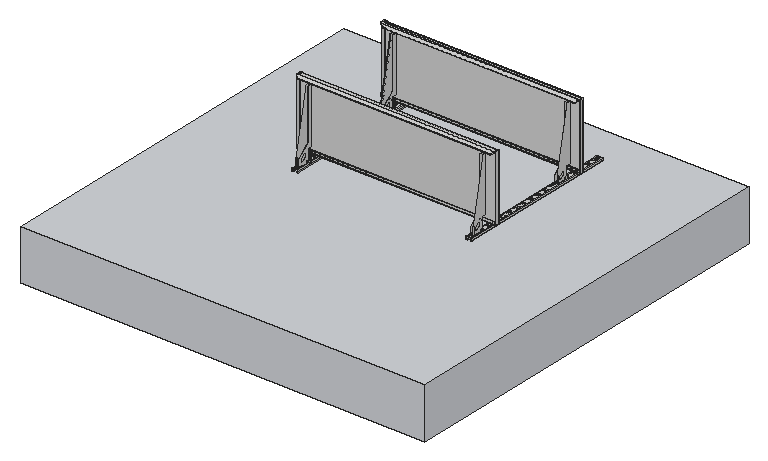
Revit family "QF_Etagères_Etagères_murales_modulables", category Equipement spécialisé, Revit 2015
Parameters (values of type "Grand modèle")
  URL catalogue = "http://www.bourgeat.fr"
  URL = ""
  Type article = ""
  Spécification du Fabricant = "Grand modèle"
  Profondeur hors tout = 470 mm
  Poids net à vide = 18.00 kg
  Modèle = "845622"
  Longueur hors tout = 1200 mm
  Hauteur hors tout = 1000 mm
  Fabricant = "BOURGEAT"
  Elévation par défaut = 1600 mm
  Description = ""
  Contact SAV = "0033(4).76.32.14.44"
  Type Comments = ""
  Charge max = 50.00 kg
Types (3, lengths in mm): name | Spécification du Fabricant | Poids net à vide | Modèle | Longueur hors tout
  (no name) | "Grand modèle" | 18.00 kg | "845622" | 1200
  Petit modèle | "Petit modèle" | 12.00 kg | "845618" | 800
  Grand modèle | "Grand modèle" | 18.00 kg | "845622" | 1200
Reference planes
  plane 1 "Centre (avant/arrière)": y = 0
  plane 2: z = 0
  plane 3 "Centre (gauche/droite)": x = 0
  plane 4: y = 1000
  plane 5: x = -600
  plane 6: x = 600
  plane 7: z = 470
  plane 8: x = -521
  plane 9: x = 494
  plane 10: z = 18
Forms (mm)
  Extrusion 1, solid
    sketch origin (0, 0, 0) x (1, 0, 0) y (0, 1, 0)
      loop
        line (-1219.2, 1219.2) -> (-1219.2, -1219.2) -> (1219.2, -1219.2) -> (1219.2, 1219.2) -> (-1219.2, 1219.2)
    from 0 to -304.8
  Extrusion 2, solid, material "Acier inox"
    sketch origin (0, 0, 0) x (1, 0, 0) y (0, 0, 1)
      loop
        arc (-554, 14.5) -> (-553.561, 15.561) -> (-552.5, 16) r 1.5
        line (-552.5, 16) -> (-524.5, 16)
        arc (-524.5, 16) -> (-523.439, 15.561) -> (-523, 14.5) r 1.5
        line (-523, 14.5) -> (-523, 3.5)
        arc (-523, 3.5) -> (-523.439, 2.439) -> (-524.5, 2) r 1.5
        line (-524.5, 2) -> (-529.5, 2) -> (-529.5, 0) -> (-524.5, 0)
        arc (-524.5, 0) -> (-522.025, 1.025) -> (-521, 3.5) r 3.5
        line (-521, 3.5) -> (-521, 14.5)
        arc (-521, 14.5) -> (-522.025, 16.975) -> (-524.5, 18) r 3.5
        line (-524.5, 18) -> (-552.5, 18)
        arc (-552.5, 18) -> (-554.975, 16.975) -> (-556, 14.5) r 3.5
        line (-556, 14.5) -> (-556, 3.5)
        arc (-556, 3.5) -> (-554.975, 1.025) -> (-552.5, 0) r 3.5
        line (-552.5, 0) -> (-547.5, 0) -> (-547.5, 2) -> (-552.5, 2)
        arc (-552.5, 2) -> (-553.561, 2.439) -> (-554, 3.5) r 1.5
        line (-554, 3.5) -> (-554, 14.5)
    from -985 to 0
  Extrusion 3, solid, material "Acier inox"
    sketch origin (1050, 0, 0) x (1, 0, 0) y (0, 0, 1)
      loop
        arc (-554, 14.5) -> (-553.561, 15.561) -> (-552.5, 16) r 1.5
        line (-552.5, 16) -> (-524.5, 16)
        arc (-524.5, 16) -> (-523.439, 15.561) -> (-523, 14.5) r 1.5
        line (-523, 14.5) -> (-523, 3.5)
        arc (-523, 3.5) -> (-523.439, 2.439) -> (-524.5, 2) r 1.5
        line (-524.5, 2) -> (-529.5, 2) -> (-529.5, 0) -> (-524.5, 0)
        arc (-524.5, 0) -> (-522.025, 1.025) -> (-521, 3.5) r 3.5
        line (-521, 3.5) -> (-521, 14.5)
        arc (-521, 14.5) -> (-522.025, 16.975) -> (-524.5, 18) r 3.5
        line (-524.5, 18) -> (-552.5, 18)
        arc (-552.5, 18) -> (-554.975, 16.975) -> (-556, 14.5) r 3.5
        line (-556, 14.5) -> (-556, 3.5)
        arc (-556, 3.5) -> (-554.975, 1.025) -> (-552.5, 0) r 3.5
        line (-552.5, 0) -> (-547.5, 0) -> (-547.5, 2) -> (-552.5, 2)
        arc (-552.5, 2) -> (-553.561, 2.439) -> (-554, 3.5) r 1.5
        line (-554, 3.5) -> (-554, 14.5)
    from -985 to 0
  Extrusion 4, void
    sketch origin (0, 0, 0) x (1, 0, 0) y (0, 1, 0)
      loop
        circle (-538.231, 647) r 4.5
      loop
        circle (-538.231, 631) r 3.5
      loop
        line (-546.981, 626) -> (-546.981, 614) -> (-529.481, 614) -> (-529.481, 626) -> (-546.981, 626)
      loop
        line (-544.531, 584) -> (-546.931, 584) -> (-546.931, 564) -> (-544.531, 564) -> (-544.531, 584)
      loop
        line (-531.931, 584) -> (-531.931, 564) -> (-529.531, 564) -> (-529.531, 584) -> (-531.931, 584)
      loop
        circle (-538.231, 523.5) r 3.5
      loop
        line (-546.981, 518.5) -> (-546.981, 506.5) -> (-529.481, 506.5) -> (-529.481, 518.5) -> (-546.981, 518.5)
      loop
        line (-544.531, 476.5) -> (-546.931, 476.5) -> (-546.931, 456.5) -> (-544.531, 456.5) -> (-544.531, 476.5)
      loop
        line (-531.931, 476.5) -> (-531.931, 456.5) -> (-529.531, 456.5) -> (-529.531, 476.5) -> (-531.931, 476.5)
      loop
        circle (-538.231, 416) r 3.5
      loop
        line (-546.981, 411) -> (-546.981, 399) -> (-529.481, 399) -> (-529.481, 411) -> (-546.981, 411)
      loop
        line (-544.531, 369) -> (-546.931, 369) -> (-546.931, 349) -> (-544.531, 349) -> (-544.531, 369)
      loop
        line (-531.931, 369) -> (-531.931, 349) -> (-529.531, 349) -> (-529.531, 369) -> (-531.931, 369)
      loop
        circle (-538.231, 969.5) r 4.5
      loop
        circle (-538.231, 953.5) r 3.5
      loop
        line (-546.981, 948.5) -> (-546.981, 936.5) -> (-529.481, 936.5) -> (-529.481, 948.5) -> (-546.981, 948.5)
      loop
        line (-544.531, 906.5) -> (-546.931, 906.5) -> (-546.931, 886.5) -> (-544.531, 886.5) -> (-544.531, 906.5)
      loop
        line (-531.931, 906.5) -> (-531.931, 886.5) -> (-529.531, 886.5) -> (-529.531, 906.5) -> (-531.931, 906.5)
      loop
        circle (-538.231, 846) r 3.5
      loop
        line (-546.981, 841) -> (-546.981, 829) -> (-529.481, 829) -> (-529.481, 841) -> (-546.981, 841)
      loop
        line (-544.531, 799) -> (-546.931, 799) -> (-546.931, 779) -> (-544.531, 779) -> (-544.531, 799)
      loop
        line (-531.931, 799) -> (-531.931, 779) -> (-529.531, 779) -> (-529.531, 799) -> (-531.931, 799)
      loop
        circle (-538.231, 738.5) r 3.5
      loop
        line (-546.981, 733.5) -> (-546.981, 721.5) -> (-529.481, 721.5) -> (-529.481, 733.5) -> (-546.981, 733.5)
      loop
        line (-544.531, 691.5) -> (-546.931, 691.5) -> (-546.931, 671.5) -> (-544.531, 671.5) -> (-544.531, 691.5)
      loop
        line (-531.931, 691.5) -> (-531.931, 671.5) -> (-529.531, 671.5) -> (-529.531, 691.5) -> (-531.931, 691.5)
      loop
        circle (-538.231, 308.5) r 3.5
      loop
        line (-546.981, 303.5) -> (-546.981, 291.5) -> (-529.481, 291.5) -> (-529.481, 303.5) -> (-546.981, 303.5)
      loop
        line (-544.531, 261.5) -> (-546.931, 261.5) -> (-546.931, 241.5) -> (-544.531, 241.5) -> (-544.531, 261.5)
      loop
        line (-531.931, 261.5) -> (-531.931, 241.5) -> (-529.531, 241.5) -> (-529.531, 261.5) -> (-531.931, 261.5)
      loop
        circle (-538.231, 201) r 3.5
      loop
        line (-546.981, 196) -> (-546.981, 184) -> (-529.481, 184) -> (-529.481, 196) -> (-546.981, 196)
      loop
        line (-544.531, 154) -> (-546.931, 154) -> (-546.931, 134) -> (-544.531, 134) -> (-544.531, 154)
      loop
        line (-531.931, 154) -> (-531.931, 134) -> (-529.531, 134) -> (-529.531, 154) -> (-531.931, 154)
      loop
        circle (-538.231, 93.5) r 3.5
      loop
        line (-546.981, 88.5) -> (-546.981, 76.5) -> (-529.481, 76.5) -> (-529.481, 88.5) -> (-546.981, 88.5)
      loop
        line (-544.531, 46.5) -> (-546.931, 46.5) -> (-546.931, 26.5) -> (-544.531, 26.5) -> (-544.531, 46.5)
      loop
        line (-531.931, 46.5) -> (-531.931, 26.5) -> (-529.531, 26.5) -> (-529.531, 46.5) -> (-531.931, 46.5)
      loop
        circle (-538.231, 11.5) r 4.5
    from 14.5 to 18
  Extrusion 5, void
    sketch origin (1050, 0, 0) x (1, 0, 0) y (0, 1, 0)
      loop
        circle (-538.231, 647) r 4.5
      loop
        circle (-538.231, 631) r 3.5
      loop
        line (-546.981, 626) -> (-546.981, 614) -> (-529.481, 614) -> (-529.481, 626) -> (-546.981, 626)
      loop
        line (-544.531, 584) -> (-546.931, 584) -> (-546.931, 564) -> (-544.531, 564) -> (-544.531, 584)
      loop
        line (-531.931, 584) -> (-531.931, 564) -> (-529.531, 564) -> (-529.531, 584) -> (-531.931, 584)
      loop
        circle (-538.231, 523.5) r 3.5
      loop
        line (-546.981, 518.5) -> (-546.981, 506.5) -> (-529.481, 506.5) -> (-529.481, 518.5) -> (-546.981, 518.5)
      loop
        line (-544.531, 476.5) -> (-546.931, 476.5) -> (-546.931, 456.5) -> (-544.531, 456.5) -> (-544.531, 476.5)
      loop
        line (-531.931, 476.5) -> (-531.931, 456.5) -> (-529.531, 456.5) -> (-529.531, 476.5) -> (-531.931, 476.5)
      loop
        circle (-538.231, 416) r 3.5
      loop
        line (-546.981, 411) -> (-546.981, 399) -> (-529.481, 399) -> (-529.481, 411) -> (-546.981, 411)
      loop
        line (-544.531, 369) -> (-546.931, 369) -> (-546.931, 349) -> (-544.531, 349) -> (-544.531, 369)
      loop
        line (-531.931, 369) -> (-531.931, 349) -> (-529.531, 349) -> (-529.531, 369) -> (-531.931, 369)
      loop
        circle (-538.231, 969.5) r 4.5
      loop
        circle (-538.231, 953.5) r 3.5
      loop
        line (-546.981, 948.5) -> (-546.981, 936.5) -> (-529.481, 936.5) -> (-529.481, 948.5) -> (-546.981, 948.5)
      loop
        line (-544.531, 906.5) -> (-546.931, 906.5) -> (-546.931, 886.5) -> (-544.531, 886.5) -> (-544.531, 906.5)
      loop
        line (-531.931, 906.5) -> (-531.931, 886.5) -> (-529.531, 886.5) -> (-529.531, 906.5) -> (-531.931, 906.5)
      loop
        circle (-538.231, 846) r 3.5
      loop
        line (-546.981, 841) -> (-546.981, 829) -> (-529.481, 829) -> (-529.481, 841) -> (-546.981, 841)
      loop
        line (-544.531, 799) -> (-546.931, 799) -> (-546.931, 779) -> (-544.531, 779) -> (-544.531, 799)
      loop
        line (-531.931, 799) -> (-531.931, 779) -> (-529.531, 779) -> (-529.531, 799) -> (-531.931, 799)
      loop
        circle (-538.231, 738.5) r 3.5
      loop
        line (-546.981, 733.5) -> (-546.981, 721.5) -> (-529.481, 721.5) -> (-529.481, 733.5) -> (-546.981, 733.5)
      loop
        line (-544.531, 691.5) -> (-546.931, 691.5) -> (-546.931, 671.5) -> (-544.531, 671.5) -> (-544.531, 691.5)
      loop
        line (-531.931, 691.5) -> (-531.931, 671.5) -> (-529.531, 671.5) -> (-529.531, 691.5) -> (-531.931, 691.5)
      loop
        circle (-538.231, 308.5) r 3.5
      loop
        line (-546.981, 303.5) -> (-546.981, 291.5) -> (-529.481, 291.5) -> (-529.481, 303.5) -> (-546.981, 303.5)
      loop
        line (-544.531, 261.5) -> (-546.931, 261.5) -> (-546.931, 241.5) -> (-544.531, 241.5) -> (-544.531, 261.5)
      loop
        line (-531.931, 261.5) -> (-531.931, 241.5) -> (-529.531, 241.5) -> (-529.531, 261.5) -> (-531.931, 261.5)
      loop
        circle (-538.231, 201) r 3.5
      loop
        line (-546.981, 196) -> (-546.981, 184) -> (-529.481, 184) -> (-529.481, 196) -> (-546.981, 196)
      loop
        line (-544.531, 154) -> (-546.931, 154) -> (-546.931, 134) -> (-544.531, 134) -> (-544.531, 154)
      loop
        line (-531.931, 154) -> (-531.931, 134) -> (-529.531, 134) -> (-529.531, 154) -> (-531.931, 154)
      loop
        circle (-538.231, 93.5) r 3.5
      loop
        line (-546.981, 88.5) -> (-546.981, 76.5) -> (-529.481, 76.5) -> (-529.481, 88.5) -> (-546.981, 88.5)
      loop
        line (-544.531, 46.5) -> (-546.931, 46.5) -> (-546.931, 26.5) -> (-544.531, 26.5) -> (-544.531, 46.5)
      loop
        line (-531.931, 46.5) -> (-531.931, 26.5) -> (-529.531, 26.5) -> (-529.531, 46.5) -> (-531.931, 46.5)
      loop
        circle (-538.231, 11.5) r 4.5
    from 14.5 to 18
Cuts and joins
  Extrusion 4, Extrusion 5 cuts Extrusion 2
  Extrusion 5 cuts Extrusion 3
Dimensions and locks
  "Hauteur hors tout": plane 4 to plane 1 "Centre (avant/arrière)"
  equal spacing: plane 5, plane 3 "Centre (gauche/droite)", plane 6
  "Longueur hors tout": plane 5 to plane 6
  "Profondeur hors tout": plane 7 to plane 2
  plane 5 to plane 8 = 79 mm
  plane 9 to plane 6 = 106 mm
  locked: nested 4 to plane 8 at 8.731
  locked: nested 3 to plane 8 at 8.731
  locked: plane 9 to nested 1 at 9.269
  locked: plane 9 to nested 2 at 9.269
  aligned and locked: plane 2 to Extrusion 1
  aligned and locked: level to Extrusion 1
  aligned and locked: plane 8 to Extrusion 2
  aligned and locked: plane 10 to Extrusion 2
  aligned and locked: plane 10 to Extrusion 3
  aligned and locked: Extrusion 3 to plane 9
  aligned and locked: plane 3 "Centre (gauche/droite)" to nested 5
  aligned and locked: plane 3 "Centre (gauche/droite)" to nested 6
Automatic sketch dimensions
  Extrusion 1 sketch curve to Extrusion 1 sketch curve = 2438.4 mm  (x2)
  Extrusion 2 sketch curve to Extrusion 2 sketch curve = 0 mm  (x8)
  Extrusion 2 sketch curve to plane 10 = 0 mm
  Extrusion 2 sketch curve to level = 0 mm  (x2)
  Extrusion 2 sketch curve to plane 8 = 0 mm
  Extrusion 2 sketch curve to Extrusion 2 sketch curve = 2 mm
  Extrusion 2 sketch curve to Extrusion 2 sketch curve = 1.5 mm  (x3)
  Extrusion 2 sketch curve to Extrusion 2 sketch curve = 5 mm  (x3)
  Extrusion 2 sketch curve to Extrusion 2 sketch curve = 18 mm
  Extrusion 3 sketch curve to Extrusion 3 sketch curve = 0 mm  (x9)
  Extrusion 3 sketch curve to plane 9 = 0 mm
  Extrusion 3 sketch curve to plane 10 = 0 mm
  Extrusion 3 sketch curve to level = 0 mm  (x2)
  plane 9 to Extrusion 3 sketch curve = 2 mm
  Extrusion 3 sketch curve to Extrusion 3 sketch curve = 1.5 mm  (x2)
  plane 9 to Extrusion 3 sketch curve = 3.5 mm
  Extrusion 3 sketch curve to Extrusion 3 sketch curve = 5 mm  (x2)
  Extrusion 3 sketch curve to Extrusion 3 sketch curve = 18 mm
  Extrusion 4 sketch curve to plane 8 = 25.981 mm  (x9)
  Extrusion 4 sketch curve to plane 8 = 25.931 mm  (x9)
  Extrusion 4 sketch curve to Extrusion 4 sketch curve = 2.4 mm  (x18)
  Extrusion 4 sketch curve to Extrusion 4 sketch curve = 8.75 mm  (x9)
  Extrusion 4 sketch curve to plane 8 = 17.231 mm
  Extrusion 4 sketch curve to Extrusion 4 sketch curve = 0 mm  (x19)
  Extrusion 4 sketch curve to Extrusion 4 sketch curve = 6.3 mm
  Extrusion 4 sketch curve to plane 8 = 10.931 mm  (x9)
  Extrusion 4 sketch curve to plane 8 = 8.481 mm  (x9)
  Extrusion 4 sketch curve to plane 1 "Centre (avant/arrière)" = 11.5 mm
  Extrusion 4 sketch curve to Extrusion 4 sketch curve = 15 mm
  Extrusion 4 sketch curve to Extrusion 4 sketch curve = 20 mm  (x9)
  Extrusion 4 sketch curve to Extrusion 4 sketch curve = 30 mm  (x9)
  Extrusion 4 sketch curve to Extrusion 4 sketch curve = 12 mm  (x9)
  Extrusion 4 sketch curve to Extrusion 4 sketch curve = 5 mm  (x9)
  Extrusion 4 sketch curve to Extrusion 4 sketch curve = 40.5 mm  (x7)
  Extrusion 4 sketch curve to Extrusion 4 sketch curve = 16 mm  (x2)
  Extrusion 4 sketch curve to Extrusion 4 sketch curve = 24.5 mm
  plane 9 to Extrusion 5 sketch curve = 9.019 mm  (x9)
  plane 9 to Extrusion 5 sketch curve = 9.069 mm  (x9)
  Extrusion 5 sketch curve to Extrusion 5 sketch curve = 2.4 mm  (x18)
  Extrusion 5 sketch curve to Extrusion 5 sketch curve = 8.75 mm  (x13)
  plane 9 to Extrusion 5 sketch curve = 17.769 mm
  Extrusion 5 sketch curve to Extrusion 5 sketch curve = 0 mm  (x19)
  Extrusion 5 sketch curve to Extrusion 5 sketch curve = 6.3 mm
  Extrusion 5 sketch curve to Extrusion 5 sketch curve = 12.6 mm  (x9)
  Extrusion 5 sketch curve to Extrusion 5 sketch curve = 17.5 mm  (x5)
  Extrusion 5 sketch curve to plane 1 "Centre (avant/arrière)" = 11.5 mm
  Extrusion 5 sketch curve to Extrusion 5 sketch curve = 15 mm
  Extrusion 5 sketch curve to Extrusion 5 sketch curve = 20 mm  (x9)
  Extrusion 5 sketch curve to Extrusion 5 sketch curve = 30 mm  (x9)
  Extrusion 5 sketch curve to Extrusion 5 sketch curve = 12 mm  (x9)
  Extrusion 5 sketch curve to Extrusion 5 sketch curve = 5 mm  (x9)
  Extrusion 5 sketch curve to Extrusion 5 sketch curve = 40.5 mm  (x7)
  Extrusion 5 sketch curve to Extrusion 5 sketch curve = 16 mm  (x2)
  Extrusion 5 sketch curve to Extrusion 5 sketch curve = 24.5 mm
  radius of Extrusion 4 sketch curve = 4.5 mm  (x3)
  radius of Extrusion 4 sketch curve = 3.5 mm  (x9)
  radius of Extrusion 5 sketch curve = 4.5 mm  (x3)
  radius of Extrusion 5 sketch curve = 3.5 mm  (x9)
Nested families
  nested 1: "Console" at (520.269, 110, 18), type "Console"
  nested 2: "Console" at (520.269, 746, 18), type "Console"
  nested 3: "Console" at (-546.731, 110, 18) x (-1, 0, 0) z (0, 0, 1), type "Console"
  nested 4: "Console" at (-546.731, 746, 18) x (-1, 0, 0) z (0, 0, 1), type "Console"
  nested 5: "Niveau" at (0, 749, 70.5), type "Niveau"
    with Longueur 1200 mm
  nested 6: "Niveau" at (0, 113, 70.5), type "Niveau"
    with Longueur 1200 mm
Definition of nested family "Console"
  Parameters (values of type "Famille1")
    iNOX = none
  Reference planes
    plane 1 "Centre (avant/arrière)": y = 0
    plane 2: z = 0
    plane 3 "Centre (gauche/droite)": x = 0
  Forms (mm)
    Extrusion 1, solid, material <- "iNOX"
      sketch origin (0, 0, 0) x (1, 0, 0) y (0, 1, 0)
        loop
          line (-17, -0.265) -> (-17, -90) -> (-15, -90) -> (-15, -2.265) -> (-2, -2.265) -> (-2, -86.347) -> (-2, -90) -> (0, -90) -> (0, -86.347) -> (0, -0.265) -> (-17, -0.265)
      from 0 to 404.602
    Extrusion 2, void
      sketch origin (0, 0, 0) x (0, 0, -1) y (0, 1, 0)
        loop
          line (-381.476, -18.503) -> (-404.602, -18.503) -> (-404.602, -90) -> (-41.016, -90) -> (-381.476, -18.503)
        loop
          arc (-38.591, -77.181) -> (-35.828, -79.336) -> (-32.409, -80.103) r 8
          line (-32.409, -80.103) -> (-23.5, -80.103)
          arc (-23.5, -80.103) -> (-17.843, -77.76) -> (-15.5, -72.103) r 8
          line (-15.5, -72.103) -> (-15.5, -58.417)
          arc (-15.5, -58.417) -> (-16.109, -55.357) -> (-17.841, -52.762) r 8
          line (-17.841, -52.762) -> (-28.155, -42.448)
          arc (-28.155, -42.448) -> (-30.751, -40.713) -> (-33.814, -40.103) r 8
          line (-33.814, -40.103) -> (-52.124, -40.103)
          arc (-52.124, -40.103) -> (-59.356, -44.685) -> (-58.306, -53.181) r 8
          line (-58.306, -53.181) -> (-38.591, -77.181)
      from -2 to 0
    Extrusion 3, void
      sketch origin (0, 0, 0) x (0, 0, -1) y (0, 1, 0)
        loop
          line (-41.003, -90) -> (-92.231, -27.635)
          arc (-92.231, -27.635) -> (-100.866, -20.901) -> (-111.549, -18.503) r 25
          line (-111.549, -18.503) -> (-404.602, -18.503) -> (-404.602, -90) -> (-41.003, -90)
        loop
          line (-58.306, -53.181) -> (-38.591, -77.181)
          arc (-38.591, -77.181) -> (-35.828, -79.336) -> (-32.409, -80.103) r 8
          line (-32.409, -80.103) -> (-23.5, -80.103)
          arc (-23.5, -80.103) -> (-17.843, -77.76) -> (-15.5, -72.103) r 8
          line (-15.5, -72.103) -> (-15.5, -58.417)
          arc (-15.5, -58.417) -> (-16.109, -55.357) -> (-17.841, -52.762) r 8
          line (-17.841, -52.762) -> (-28.155, -42.448)
          arc (-28.155, -42.448) -> (-30.751, -40.713) -> (-33.814, -40.103) r 8
          line (-33.814, -40.103) -> (-52.124, -40.103)
          arc (-52.124, -40.103) -> (-59.356, -44.685) -> (-58.306, -53.181) r 8
      from -17 to -15
    Extrusion 4, void
      sketch origin (0, 0, 0) x (0, 0, -1) y (0, 1, 0)
        loop
          line (-12.5, -25.003) -> (-12.5, -42.203) -> (0, -42.203) -> (0, 0) -> (-71, 0) -> (-71, -25.003) -> (-12.5, -25.003)
      from -17 to 0
    Extrusion 5, solid, material <- "iNOX"
      sketch origin (0, 0, 0) x (1, 0, 0) y (0, 0, -1)
        loop
          line (-17, 0) -> (-17, -0.8) -> (-28.5, -0.8)
          arc (-28.5, -0.8) -> (-32.036, -2.264) -> (-33.5, -5.8) r 5
          line (-33.5, -5.8) -> (-33.5, -66)
          arc (-33.5, -66) -> (-32.036, -69.536) -> (-28.5, -71) r 5
          line (-28.5, -71) -> (-15, -71) -> (-15, -12.1) -> (0, -12.1) -> (0, 0) -> (-17, 0)
        loop
          circle (-28.5, -19.383) r 3.25
        loop
          circle (-28.5, -30.383) r 3.25
        loop
          circle (-28.5, -41.383) r 3.25
        loop
          circle (-28.5, -52.383) r 3.25
        loop
          circle (-28.5, -63.201) r 3.25
      from -25.003 to -23.003
  Cuts and joins
    Extrusion 2, Extrusion 3, Extrusion 4 cuts Extrusion 1
  Dimensions and locks
    aligned and locked: level to plane 2
Definition of nested family "Niveau"
  Parameters (values of type "Niveau")
    iNOX = none
    Longueur = 800 mm
  Reference planes
    plane 1 "Centre (avant/arrière)": y = 0
    plane 2: z = 0
    plane 3 "Centre (gauche/droite)": x = 0
    plane 4: x = -400
    plane 5: x = 400
  Forms (mm)
    Extrusion 1, solid, material <- "iNOX"
      sketch origin (0, 0, 0) x (0, 0, -1) y (0, 1, 0)
        loop
          line (-18, -25.5) -> (-3, -25.5)
          arc (-3, -25.5) -> (-0.879, -24.621) -> (0, -22.5) r 3
          line (0, -22.5) -> (0, -3)
          arc (0, -3) -> (-0.879, -0.879) -> (-3, 0) r 3
          line (-3, 0) -> (-395.5, 0)
          arc (-395.5, 0) -> (-397.621, -0.879) -> (-398.5, -3) r 3
          line (-398.5, -3) -> (-398.5, -24.259)
          arc (-398.5, -24.259) -> (-398.272, -25.406) -> (-397.623, -26.379) r 3
          line (-397.623, -26.379) -> (-384.004, -39.997) -> (-382.944, -38.936) -> (-396.56, -25.32)
          arc (-396.56, -25.32) -> (-396.886, -24.833) -> (-397, -24.259) r 1.5
          line (-397, -24.259) -> (-397, -3)
          arc (-397, -3) -> (-396.561, -1.939) -> (-395.5, -1.5) r 1.5
          line (-395.5, -1.5) -> (-3, -1.5)
          arc (-3, -1.5) -> (-1.939, -1.939) -> (-1.5, -3) r 1.5
          line (-1.5, -3) -> (-1.5, -22.5)
          arc (-1.5, -22.5) -> (-1.939, -23.561) -> (-3, -24) r 1.5
          line (-3, -24) -> (-18, -24) -> (-18, -25.5)
      from -397 to 397
    Extrusion 2, void
      sketch origin (79.343, 0, 0) x (1, 0, 0) y (0, 1, 0)
        loop
          line (317.657, -28.037) -> (302.207, -38.961)
          arc (302.207, -38.961) -> (300.854, -39.67) -> (299.362, -39.997) r 5.75
          line (299.362, -39.997) -> (317.657, -39.997) -> (317.657, -28.037)
      from 381.133 to 397
    Extrusion 3, void
      sketch origin (-171.448, 0, 0) x (-1, 0, 0) y (0, -1, 0)
        loop
          line (225.552, 26.38) -> (225.552, 39.997) -> (204.914, 39.997)
          arc (204.914, 39.997) -> (206.406, 39.67) -> (207.759, 38.961) r 5.75
          line (207.759, 38.961) -> (225.552, 26.38)
      from 381.133 to 397
    Extrusion 4, solid, material <- "iNOX"
      sketch origin (-174.448, 0, 0) x (-1, 0, 0) y (0, -1, 0)
        loop
          line (225.552, 3) -> (225.552, 21.5) -> (224.052, 21.5) -> (224.052, 3)
          arc (224.052, 3) -> (223.612, 1.939) -> (222.552, 1.5) r 1.5
          line (222.552, 1.5) -> (222.552, 0)
          arc (222.552, 0) -> (224.673, 0.879) -> (225.552, 3) r 3
      from 0 to 398.5
    Extrusion 5, solid, material <- "iNOX"
      sketch origin (80, 0, 0) x (1, 0, 0) y (0, 1, 0)
        loop
          arc (320, -3) -> (319.121, -0.879) -> (317, 0) r 3
          line (317, 0) -> (317, -1.5)
          arc (317, -1.5) -> (318.061, -1.939) -> (318.5, -3) r 1.5
          line (318.5, -3) -> (318.5, -21.5) -> (320, -21.5) -> (320, -3)
      from 0 to 398.5
  Cuts and joins
    Extrusion 2, Extrusion 3 cuts Extrusion 1
  Dimensions and locks
    equal spacing: plane 4, plane 3 "Centre (gauche/droite)", plane 5
    "Longueur": plane 4 to plane 5
    aligned and locked: level to plane 2
    aligned and locked: Extrusion 4 to plane 4
    aligned and locked: plane 5 to Extrusion 5
    aligned and locked: Extrusion 1 to Extrusion 5
    aligned and locked: Extrusion 1 to Extrusion 4
  Automatic sketch dimensions
    Extrusion 1 sketch curve to Extrusion 1 sketch curve = 0 mm  (x8)
    Extrusion 1 sketch curve to plane 1 "Centre (avant/arrière)" = 0 mm
    Extrusion 1 sketch curve to level = 0 mm
    Extrusion 1 sketch curve to Extrusion 1 sketch curve = 1.5 mm  (x2)
    level to Extrusion 1 sketch curve = 3 mm
    Extrusion 1 sketch curve to Extrusion 1 sketch curve = 15 mm
    plane 1 "Centre (avant/arrière)" to Extrusion 1 sketch curve = 38.936 mm
    Extrusion 1 sketch curve to Extrusion 1 sketch curve = 364.944 mm
    plane 1 "Centre (avant/arrière)" to Extrusion 1 sketch curve = 39.997 mm
    Extrusion 1 sketch curve to Extrusion 1 sketch curve = 1.061 mm
    Extrusion 1 sketch curve to Extrusion 1 sketch curve = 12.556 mm
    plane 1 "Centre (avant/arrière)" to Extrusion 1 sketch curve = 3 mm
    plane 1 "Centre (avant/arrière)" to Extrusion 1 sketch curve = 25.32 mm
    plane 1 "Centre (avant/arrière)" to Extrusion 1 sketch curve = 26.379 mm
    plane 1 "Centre (avant/arrière)" to Extrusion 1 sketch curve = 25.5 mm
    plane 1 "Centre (avant/arrière)" to Extrusion 2 sketch curve = 34.267 mm
    Extrusion 2 sketch curve to plane 5 = 21.77 mm
    Extrusion 2 sketch curve to Extrusion 2 sketch curve = 0.475 mm
    plane 1 "Centre (avant/arrière)" to Extrusion 2 sketch curve = 38.961 mm
    Extrusion 2 sketch curve to Extrusion 2 sketch curve = 2.845 mm
    plane 1 "Centre (avant/arrière)" to Extrusion 2 sketch curve = 28.037 mm
    Extrusion 2 sketch curve to Extrusion 2 sketch curve = 15.45 mm
    Extrusion 3 sketch curve to plane 1 "Centre (avant/arrière)" = 34.267 mm
    Extrusion 3 sketch curve to plane 4 = 24.113 mm
    Extrusion 3 sketch curve to Extrusion 3 sketch curve = 0.475 mm
    Extrusion 3 sketch curve to plane 1 "Centre (avant/arrière)" = 38.961 mm
    Extrusion 3 sketch curve to Extrusion 3 sketch curve = 2.845 mm
    Extrusion 3 sketch curve to plane 1 "Centre (avant/arrière)" = 26.38 mm
    Extrusion 3 sketch curve to Extrusion 3 sketch curve = 17.793 mm
    Extrusion 4 sketch curve to Extrusion 4 sketch curve = 0 mm  (x2)
    plane 1 "Centre (avant/arrière)" to Extrusion 4 sketch curve = 0 mm
    Extrusion 4 sketch curve to plane 4 = 0 mm
    Extrusion 4 sketch curve to plane 4 = 1.5 mm
    Extrusion 4 sketch curve to Extrusion 4 sketch curve = 1.5 mm
    Extrusion 4 sketch curve to Extrusion 4 sketch curve = 18.5 mm
    Extrusion 5 sketch curve to Extrusion 5 sketch curve = 0 mm  (x2)
    plane 1 "Centre (avant/arrière)" to Extrusion 5 sketch curve = 0 mm
    Extrusion 5 sketch curve to plane 5 = 0 mm
    Extrusion 5 sketch curve to Extrusion 5 sketch curve = 1.5 mm  (x2)
    Extrusion 5 sketch curve to Extrusion 5 sketch curve = 18.5 mm
